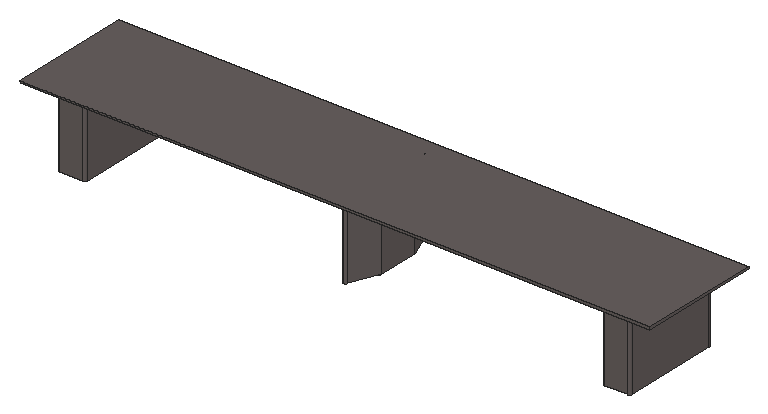
Revit family "Table-Teknion-CFTSTS_Figure_Table_Rectangular_Softened_Panel_Subtop-R2023", category Furniture, Revit 2023
Family settings
  OmniClass Number = 23.40.20.00
  OmniClass Title = General Furniture and Specialties
  Work Plane-Based = No
  Enable Cutting in Views = No
  Always vertical = Yes
  Cut with Voids When Loaded = No
  Render Appearance Source = Family Geometry
  Shared = Yes
  Room Calculation Point = No
Parameters (values of type "Figure Table, Rectangular, Softened Panel Base, Subtop")
  Width [instance] = 240.000"
  Warranty = "http://www.teknion.com/ca/papers/legal-canada"
  Unit Weight URL = "http://www.teknion.com/ca/tools/assets#&asset=bee6a381-b954-425e-8283-5a2de3a804f2,f828d448-4b62-4231-9e5f-9a8991c0ed77"
  URL = "www.teknion.com"
  Top Finish [instance] = Veneer - Teknion - 5X - Flintwood - Dark Henna
  To render please download texture images found here [instance] = "https://assets.teknion.com/web/5e81352c1dfdb467/revit-material-swatches/"
  Sustainability Data = "https://www.teknion.com/ca/tools/assets#&topic=216f99a5-57a0-44fc-b10a-9dee9b29ae4c&asset=444deb64-fe58-4b68-981e-f75e97781df7,b4ff2d81-9f2e-437d-9659-7cffb09c31cf"
  Series = "Custom Wood"  # constant formula
  Product Page URL = "https://www.teknion.com/ca/products/product-details?productLineId=f182336e-8e7a-673b-a6c8-ff00004460c4"
  Product Line = "Figure Table"  # constant formula
  Product Documentation Link = "https://d2r72yk5wmppdj.cloudfront.net/m/7b6608f508e3c5a8/Community_Table_Cut_Sheet.pdf"
  Power Cover Finish [instance] = Paint - Teknion - Mica - Graphite
  Part Number = "CFTSTS"  # constant formula
  Description = "Figure Table, Rectangular, Softened Panel Base, Subtop"
  Base Finish [instance] = Veneer - Teknion - 5X - Flintwood - Dark Henna
  Base Dim [instance] = if(Depth = 60.000", 24.000", 18.000")  # 24.000"
  (N) No Central Base [instance] = not(or([(H) Hexa Panel], [(S) Softened Panel]))  # no
  Model = "CFTSTS______"  # constant formula
  Manufacturer Phone = "416-661-3370"  # constant formula
  Manufacturer Fax = "416.661.4586"  # constant formula
  Manufacturer Contact Information = "http://www.teknion.com/ca/contactus"
  Manufacturer Address = "1150 Flint Road, Toronto, ON. M3J 2J5. Canada"  # constant formula
  Manufacturer = "Teknion"  # constant formula
  How To Use Teknion Materials User Guide [instance] = "https://assets.teknion.com/m/205dd0a49fa58060/original/How-to-add-a-Material-Library-and-Texture-Images-to-your-Revit-project.pdf"
  (H) Hexa Panel [instance] = yes
  For Additional Finishes please visit [instance] = "https://assets.teknion.com/m/44a8009b046e5d47/original/Teknion_Materials_Library.zip"
  Depth [instance] = 60.000"
  Default Elevation = 0.000"
  (S) Softened Panel [instance] = no
  Central Base Options [instance] = if(Width > 131.000", "[(N) No Central Base] not available with selected width, Please select one of the options below", "Only [(N) No Central Base] available with selected width")  # "[(N) No Central Base] not available with selected width, Please select one of the options below"
  Base S [instance] = [(S) Softened Panel]  # no
  Base H [instance] = [(H) Hexa Panel]  # yes
  Available Width [instance] = "Available In 96\", 108\", 120\", 132\", 144\", 156\", 168\", 180\", 192\", 204\", 216\", 228\", 240\""  # constant formula
  Available Depth [instance] = "Available In 48\", 54\", 60\""  # constant formula
  Assembly Code = "E2020200"
Reference planes (in)
  plane 1 "Center Front/Back": y = 0
  plane 2: z = 0
  plane 3 "Center Left/Right": x = 0.01361
  plane 4 "Left": x = -119.98639
  plane 5 "Right": x = 120.01361
  plane 6 "Back": y = 30
  plane 7 "Front": y = -30
  plane 8 "Top": z = 29
  plane 9: x = -39.98639
  plane 10: x = 40.01361
  plane 11: y = 12
  plane 12: y = -12
  plane 13: y = 22
  plane 14: x = 112.01361
  plane 15: x = -111.98639
  plane 16: y = -22
Forms (in)
  Sweep 1, solid, material "Veneer - Teknion - 5X - Flintwood - Dark Henna" <- "Top Finish"
    path origin (0, 0, 0) x (1, 0, 0) y (0, 0, 1)
      loop
        line (0.01361, 26.75) -> (0.01361, 27.5)
    profile origin (0.01361, 0, 27.125) x (-1, 0, 0) y (0, -1, 0)
      loop
        line (112, 22) -> (-112, 22) -> (-112, -22) -> (112, -22) -> (112, 22)
  Sweep 2, solid, material "Veneer - Teknion - 5X - Flintwood - Dark Henna" <- "Base Finish"
    path origin (0, 0, 0) x (1, 0, 0) y (0, 1, 0)
      loop
        line (92.01361, 0) -> (-91.98639, 0)
    profile origin (0.01361, 0, 0) x (0, -1, 0) y (0, 0, 1)
      loop
        line (-7.932, 18.75) -> (-10.932, 26.75) -> (-12, 26.75) -> (-9, 18.75) -> (-7.932, 18.75)
      loop
        line (10.932, 26.75) -> (7.932, 18.75) -> (9, 18.75) -> (12, 26.75) -> (10.932, 26.75)
Lines and regions (in)
  Masking region 1
    outline origin (0, 0, 0) x (1, 0, 0) y (0, 1, 0)
      loop
        line (-111.98639, 22) -> (-111.98639, -22) -> (112.01361, -22) -> (112.01361, 22) -> (-111.98639, 22)
  symbolic lines, style "FurnitureHiddenLines", detail levels medium+fine
    curve 1: line (-91.98639, 12, 0) -> (92.01361, 12, 0)
    curve 2: line (92.01361, 10.932, 0) -> (-91.98639, 10.932, 0)
    curve 3: line (-91.98639, 9, 0) -> (92.01361, 9, 0)
    curve 4: line (-91.98639, 7.932, 0) -> (92.01361, 7.932, 0)
    curve 5: line (-91.98639, -9, 0) -> (92.01361, -9, 0)
    curve 6: line (92.01361, -7.932, 0) -> (-91.98639, -7.932, 0)
    curve 7: line (-91.98639, -10.932, 0) -> (92.01361, -10.932, 0)
    curve 8: line (-91.98639, -12, 0) -> (92.01361, -12, 0)
  reference lines
    curve 9: line (112.01361, 22, 0) -> (-111.98639, 22, 0)
    curve 10: line (-111.98639, 22, 0) -> (-111.98639, -22, 0)
    curve 11: line (-111.98639, -22, 0) -> (112.01361, -22, 0)
    curve 12: line (112.01361, -22, 0) -> (112.01361, 22, 0)
Dimensions and locks (in)
  "Width": plane 4 "Left" to plane 5 "Right"
  "Depth": plane 6 "Back" to plane 7 "Front"
  plane 8 "Top" to level = 29.000"
  plane 8 "Top" to Sweep 1 sketch curve to Sweep 1 sketch curve = 1.500" locked, 0.750" locked
  locked: plane 4 "Left" to Sweep 2 sketch curve at 28
  locked: Sweep 2 sketch curve to plane 5 "Right" at 28
  Sweep 2 sketch curve to Sweep 2 sketch curve to Sweep 2 sketch curve to Sweep 2 sketch curve = 1.068" locked, 1.932" locked, 1.068" locked
  Sweep 2 sketch curve to Sweep 2 sketch curve to Sweep 2 sketch curve to Sweep 2 sketch curve = 1.068", 1.932" locked, 1.068" locked
  plane 8 "Top" to Sweep 2 sketch curve to Sweep 2 sketch curve = 2.250" locked, 8.000" locked  (x2)
  locked: plane 7 "Front" to Sweep 1 sketch curve at 8
  locked: plane 4 "Left" to Sweep 1 sketch curve at 8
  locked: plane 6 "Back" to Sweep 1 sketch curve at 8
  locked: Sweep 1 sketch curve to plane 5 "Right" at 8
  equal spacing: plane 4 "Left", plane 3 "Center Left/Right", plane 5 "Right"
  equal spacing: plane 7 "Front", plane 1 "Center Front/Back", plane 6 "Back"
  equal spacing: plane 4 "Left", plane 9, plane 10, plane 5 "Right"
  equal spacing: plane 11, plane 1 "Center Front/Back", plane 12
  "Base Dim": plane 12 to plane 11
  locked: plane 4 "Left" to nested 1 at 18
  locked: nested 2 to plane 5 "Right" at 18
  locked: plane 7 "Front" to plane 16 at 8
  locked: plane 4 "Left" to plane 15 at 8
  locked: plane 14 to plane 5 "Right" at 8
  locked: plane 6 "Back" to plane 13 at 8
  aligned and locked: level to plane 2
  aligned and locked: plane 3 "Center Left/Right" to Sweep 1 sketch curve
  aligned and locked: Sweep 2 sketch curve to plane 1 "Center Front/Back"
  aligned and locked: plane 1 "Center Front/Back" to nested 1
  aligned and locked: plane 1 "Center Front/Back" to nested 2
  aligned and locked: plane 3 "Center Left/Right" to nested 3
  aligned and locked: plane 1 "Center Front/Back" to nested 3
  aligned and locked: plane 3 "Center Left/Right" to nested 4
  aligned and locked: plane 1 "Center Front/Back" to nested 4
  aligned and locked: plane 3 "Center Left/Right" to nested 5
  aligned and locked: plane 1 "Center Front/Back" to nested 5
  aligned and locked: plane 2 to nested 3
  aligned and locked: nested 2 to plane 2
  aligned and locked: plane 2 to nested 1
  aligned and locked: plane 2 to nested 4
  aligned and locked: plane 12 to Sweep 2 sketch curve
  aligned and locked: plane 11 to Sweep 2 sketch curve
  aligned and locked: curve 1 to Sweep 2
  aligned and locked: curve 2 to Sweep 2
  aligned and locked: curve 3 to Sweep 2
  aligned and locked: curve 4 to Sweep 2
  aligned and locked: curve 5 to Sweep 2
  aligned and locked: curve 6 to Sweep 2
  aligned and locked: curve 7 to Sweep 2
  aligned and locked: curve 8 to Sweep 2
  aligned and locked: Masking region 1 sketch curve to Sweep 1  (x4)
  aligned and locked: curve 9 to Sweep 1
  aligned and locked: curve 10 to Sweep 1
  aligned and locked: curve 11 to Sweep 1
  aligned and locked: curve 12 to Sweep 1
Automatic sketch dimensions
  curve 2 to curve 1 = 0.000"  (x2)
  curve 3 to curve 2 = 0.000"  (x2)
  curve 4 to curve 3 = 0.000"  (x2)
  curve 5 to curve 4 = 0.000"  (x2)
  curve 6 to curve 5 = 0.000"  (x2)
  curve 7 to curve 5 = 0.000"  (x2)
  curve 8 to curve 7 = 0.000"  (x2)
  plane 4 "Left" to curve 1 = 28.000"
  plane 5 "Right" to curve 5 = 28.000"
  plane 4 "Left" to curve 9 = 8.000"
  curve 10 to plane 6 "Back" = 8.000"
  plane 5 "Right" to curve 9 = 8.000"
  curve 10 to plane 7 "Front" = 8.000"
Nested families (in)
  nested 1: "Softened Panel" at (-96.98639, 0, 0), Depth <- "Depth", Base Finish <- "Base Finish", type "Softened Panel"
    with Top Cutout no, To render please download texture images found here "https://assets.teknion.com/web/5e81352c1dfdb467/revit-material-swatches/", Panel Width 36.000", Mid Leg no, Mid Cutout yes, Left Cutout no, How To Use Teknion Materials User Guide "https://assets.teknion.com/m/205dd0a49fa58060/original/How-to-add-a-Material-Library-and-Texture-Images-to-your-Revit-project.pdf", Glide Finish Paint - Teknion - Foundation - Ebony, For Additional Finishes please visit "https://assets.teknion.com/m/44a8009b046e5d47/original/Teknion_Materials_Library.zip", Depth 60.000", Bottom Cutout no, Base Finish Veneer - Teknion - 5X - Flintwood - Dark Henna
  nested 2: "Softened Panel" at (97.01361, 0, 0), Depth <- "Depth", Base Finish <- "Base Finish", type "Softened Panel"
    with Top Cutout no, To render please download texture images found here "https://assets.teknion.com/web/5e81352c1dfdb467/revit-material-swatches/", Panel Width 36.000", Mid Leg no, Mid Cutout yes, Left Cutout no, How To Use Teknion Materials User Guide "https://assets.teknion.com/m/205dd0a49fa58060/original/How-to-add-a-Material-Library-and-Texture-Images-to-your-Revit-project.pdf", Glide Finish Paint - Teknion - Foundation - Ebony, For Additional Finishes please visit "https://assets.teknion.com/m/44a8009b046e5d47/original/Teknion_Materials_Library.zip", Depth 60.000", Bottom Cutout no, Base Finish Veneer - Teknion - 5X - Flintwood - Dark Henna
  nested 3: "Softened Panel" at (0.01361, 0, 0), Depth <- "Depth", Base Finish <- "Base Finish", visible <- "Base S", type "Softened Panel"
    with Top Cutout yes, To render please download texture images found here "https://assets.teknion.com/web/5e81352c1dfdb467/revit-material-swatches/", Panel Width 36.000", Mid Leg no, Mid Cutout yes, Left Cutout yes, How To Use Teknion Materials User Guide "https://assets.teknion.com/m/205dd0a49fa58060/original/How-to-add-a-Material-Library-and-Texture-Images-to-your-Revit-project.pdf", Glide Finish Paint - Teknion - Foundation - Ebony, For Additional Finishes please visit "https://assets.teknion.com/m/44a8009b046e5d47/original/Teknion_Materials_Library.zip", Depth 60.000", Bottom Cutout yes, Base Finish Veneer - Teknion - 5X - Flintwood - Dark Henna
  nested 4: "Hexa Panel" at (0.01361, 0, 0), Base Finish <- "Base Finish", Depth <- "Depth", visible <- "Base H", type "Hexa Panel"
    with To render please download texture images found here "https://assets.teknion.com/web/5e81352c1dfdb467/revit-material-swatches/", Panel Width 36.000", Mid Leg yes, Left Cutout yes, How To Use Teknion Materials User Guide "https://assets.teknion.com/m/205dd0a49fa58060/original/How-to-add-a-Material-Library-and-Texture-Images-to-your-Revit-project.pdf", Glide Finish Paint - Teknion - Foundation - Ebony, For Additional Finishes please visit "https://assets.teknion.com/m/44a8009b046e5d47/original/Teknion_Materials_Library.zip", Depth 60.000", Base Finish Veneer - Teknion - 5X - Flintwood - Dark Henna
  nested 5: "Teknion_2D_Node_Family-R2021" at (0.01361, 0, 0), type "Teknion_2D_Node_Family-R2021"
Definition of nested family "Softened Panel"
  Parameters (values of type "Softened Panel")
    Warranty = "http://www.teknion.com/ca/papers/legal-canada"
    Unit Weight URL = "http://www.teknion.com/ca/tools/assets#&asset=bee6a381-b954-425e-8283-5a2de3a804f2,f828d448-4b62-4231-9e5f-9a8991c0ed77"
    URL = "www.teknion.com"
    Top Cutout [instance] = yes
    To render please download texture images found here [instance] = "https://assets.teknion.com/web/5e81352c1dfdb467/revit-material-swatches/"
    Sustainability Data = "https://www.teknion.com/ca/tools/assets#&topic=216f99a5-57a0-44fc-b10a-9dee9b29ae4c&asset=444deb64-fe58-4b68-981e-f75e97781df7,b4ff2d81-9f2e-437d-9659-7cffb09c31cf"
    Series = ""
    Product Page URL = ""
    Product Line = ""
    Product Documentation Link = ""
    Part Number = ""
    Panel Width [instance] = if(Depth = 60.000", 36.000", 30.000")  # 30.000"
    Model = ""
    Mid Leg [instance] = yes
    Mid Cutout [instance] = not(Mid Leg)  # no
    Manufacturer Phone = "416-661-3370"  # constant formula
    Manufacturer Fax = "416.661.4586"  # constant formula
    Manufacturer Contact Information = "http://www.teknion.com/ca/contactus"
    Manufacturer Address = "1150 Flint Road, Toronto, ON. M3J 2J5. Canada"  # constant formula
    Manufacturer = "Teknion"  # constant formula
    Left Cutout [instance] = yes
    How To Use Teknion Materials User Guide [instance] = "https://assets.teknion.com/m/205dd0a49fa58060/original/How-to-add-a-Material-Library-and-Texture-Images-to-your-Revit-project.pdf"
    Glide Finish [instance] = none
    For Additional Finishes please visit [instance] = "https://assets.teknion.com/m/44a8009b046e5d47/original/Teknion_Materials_Library.zip"
    Description = "Softened Panel"
    Depth [instance] = 0.000"
    Default Elevation = 0.000"
    Bottom Cutout [instance] = yes
    Base Finish [instance] = none
    Assembly Code = "E2020200"
  Reference planes (in)
    plane 1 "Center Front/Back": y = 0
    plane 2: z = 0
    plane 3 "Center Left/Right": x = 0
    plane 4 "Left": x = -5
    plane 5 "Right": x = 5
    plane 6 "Back": y = 15
    plane 7 "Front": y = -15
    plane 8 "Top": z = 26.75
    plane 9 "1": y = -13.646
    plane 10 "2": y = 13.646
    plane 11: z = 0.5
  Forms (in)
    Revolve 1, solid, material <- "Glide Finish"
      sketch origin (0, -13.646, 0) x (-1, 0, 0) y (0, 0, 1)
        loop
          line (3.64645, 0.25) -> (3.64645, 0) -> (4.14645, 0) -> (4.14645, 0.25) -> (3.64645, 0.25)
        axis (3.64645, 0.25) -> (3.64645, 0)
      angle from 0 to 360
    Revolve 2, solid, material <- "Glide Finish"
      sketch origin (7.81887, -13.646, 0) x (-1, 0, 0) y (0, 0, 1)
        loop
          line (4.17242, 0.25) -> (4.17242, 0) -> (4.67242, 0) -> (4.67242, 0.25) -> (4.17242, 0.25)
        axis (4.17242, 0.25) -> (4.17242, 0)
      angle from 0 to 360
    Revolve 3, solid, material <- "Glide Finish"
      sketch origin (0, 13.646, 0) x (-1, 0, 0) y (0, 0, 1)
        loop
          line (3.64645, 0.25) -> (3.64645, 0) -> (4.14645, 0) -> (4.14645, 0.25) -> (3.64645, 0.25)
        axis (3.64645, 0.25) -> (3.64645, 0)
      angle from 0 to 360
    Revolve 4, solid, material <- "Glide Finish"
      sketch origin (0, 13.646, 0) x (-1, 0, 0) y (0, 0, 1)
        loop
          line (-3.64645, 0.25) -> (-3.64645, 0) -> (-3.14645, 0) -> (-3.14645, 0.25) -> (-3.64645, 0.25)
        axis (-3.64645, 0.25) -> (-3.64645, 0)
      angle from 0 to 360
    Sweep 5, solid, material <- "Glide Finish"
      path origin (0, 0, 0) x (1, 0, 0) y (0, 0, 1)
        loop
          line (0, 0.5) -> (0, 0.25)
      profile origin (0, 0, 0.375) x (0, -1, 0) y (1, 0, 0)
        loop
          line (13.3335, -3.82713) -> (13.646, -4.00755) -> (13.9585, -3.82713) -> (13.9585, -3.46628) -> (13.646, -3.28586) -> (13.3335, -3.46628) -> (13.3335, -3.82713)
        loop
          line (13.3335, 3.46628) -> (13.646, 3.28586) -> (13.9585, 3.46628) -> (13.9585, 3.82713) -> (13.646, 4.00755) -> (13.3335, 3.82713) -> (13.3335, 3.46628)
        loop
          line (-13.9585, 3.46628) -> (-13.646, 3.28586) -> (-13.3335, 3.46628) -> (-13.3335, 3.82713) -> (-13.646, 4.00755) -> (-13.9585, 3.82713) -> (-13.9585, 3.46628)
        loop
          line (-13.9585, -3.82713) -> (-13.646, -4.00755) -> (-13.3335, -3.82713) -> (-13.3335, -3.46628) -> (-13.646, -3.28586) -> (-13.9585, -3.46628) -> (-13.9585, -3.82713)
    Sweep 6, solid, material <- "Base Finish"
      path origin (0, 0, 0) x (1, 0, 0) y (0, 0, 1)
        loop
          line (0, 26.75) -> (0, 0.5)
      profile origin (0, 0, 13.625) x (0, -1, 0) y (1, 0, 0)
        loop
          line (14, 5) -> (-14, 5)
          arc (-14, 5) -> (-14.70711, 4.70711) -> (-15, 4) r 1
          line (-15, 4) -> (-15, -4)
          arc (-15, -4) -> (-14.70711, -4.70711) -> (-14, -5) r 1
          line (-14, -5) -> (14, -5)
          arc (14, -5) -> (14.70711, -4.70711) -> (15, -4) r 1
          line (15, -4) -> (15, 4)
          arc (15, 4) -> (14.70711, 4.70711) -> (14, 5) r 1
    Sweep 7, void
      path origin (0, 0, 0) x (1, 0, 0) y (0, 1, 0)
        loop
          line (7.5, 0) -> (-7.5, 0)
      profile origin (0, 0, 0) x (0, -1, 0) y (0, 0, 1)
        loop
          line (-5, 27.5) -> (-5, 24.5)
          arc (-5, 24.5) -> (-4.85355, 24.14645) -> (-4.5, 24) r 0.5
          line (-4.5, 24) -> (4.5, 24)
          arc (4.5, 24) -> (4.85355, 24.14645) -> (5, 24.5) r 0.5
          line (5, 24.5) -> (5, 27.5) -> (-5, 27.5)
    Sweep 8, void
      path origin (0, 0, 0) x (1, 0, 0) y (0, 0, 1)
        loop
          line (0, 26) -> (0, 1.25)
      profile origin (0, 0, 13.625) x (0, -1, 0) y (1, 0, 0)
        loop
          line (-14.25, -4.25) -> (14.25, -4.25) -> (14.25, 4.25) -> (-14.25, 4.25) -> (-14.25, -4.25)
    Sweep 9, void
      path origin (0, 0, 0) x (1, 0, 0) y (0, 0, 1)
        loop
          line (0, 0) -> (0, 2)
      profile origin (0, 0, 1) x (-1, 0, 0) y (0, -1, 0)
        loop
          arc (3, -2.64575) -> (4, 0) -> (3, 2.64575) r 4
          line (3, 2.64575) -> (3, 4.5)
          arc (3, 4.5) -> (2.85355, 4.85355) -> (2.5, 5) r 0.5
          line (2.5, 5) -> (-2.5, 5)
          arc (-2.5, 5) -> (-2.85355, 4.85355) -> (-3, 4.5) r 0.5
          line (-3, 4.5) -> (-3, 2.64575)
          arc (-3, 2.64575) -> (-4, 0) -> (-3, -2.64575) r 4
          line (-3, -2.64575) -> (-3, -4.5)
          arc (-3, -4.5) -> (-2.85355, -4.85355) -> (-2.5, -5) r 0.5
          line (-2.5, -5) -> (2.5, -5)
          arc (2.5, -5) -> (2.85355, -4.85355) -> (3, -4.5) r 0.5
          line (3, -4.5) -> (3, -2.64575)
    Sweep 10, void
      path origin (0, 0, 0) x (1, 0, 0) y (0, 1, 0)
        loop
          line (-2.5, 0) -> (-7.5, 0)
      profile origin (-5, 0, 0) x (0, -1, 0) y (0, 0, 1)
        loop
          line (-3.9, 21) -> (-3.9, 4.6) -> (3.9, 4.6) -> (3.9, 21) -> (-3.9, 21)
        loop
          line (-4, 22) -> (-4, 4.5) -> (4, 4.5) -> (4, 22)
          arc (4, 22) -> (3.85355, 22.35355) -> (3.5, 22.5) r 0.5
          line (3.5, 22.5) -> (-3.5, 22.5)
          arc (-3.5, 22.5) -> (-3.85355, 22.35355) -> (-4, 22) r 0.5
    Sweep 11, void
      path origin (0, 0, 0) x (1, 0, 0) y (0, 1, 0)
        loop
          line (7.5, 0) -> (-7.25, 0)
      profile origin (0.125, 0, 0) x (0, -1, 0) y (0, 0, 1)
        loop
          arc (2.75, 24) -> (2.92678, 24.07322) -> (3, 24.25) r 0.25
          line (3, 24.25) -> (3, 25.75)
          arc (3, 25.75) -> (2.92678, 25.92678) -> (2.75, 26) r 0.25
          line (2.75, 26) -> (-2.75, 26)
          arc (-2.75, 26) -> (-2.92678, 25.92678) -> (-3, 25.75) r 0.25
          line (-3, 25.75) -> (-3, 24.25)
          arc (-3, 24.25) -> (-2.92678, 24.07322) -> (-2.75, 24) r 0.25
          line (-2.75, 24) -> (2.75, 24)
    Sweep 12, void
      path origin (0, 0, 0) x (1, 0, 0) y (0, 0, 1)
        loop
          line (0, 28.75) -> (0, -1.25)
      profile origin (0, 0, 13.75) x (0, -1, 0) y (1, 0, 0)
        loop
          arc (4.5, -3) -> (4.85355, -2.85355) -> (5, -2.5) r 0.5
          line (5, -2.5) -> (5, 2.5)
          arc (5, 2.5) -> (4.85355, 2.85355) -> (4.5, 3) r 0.5
          line (4.5, 3) -> (-4.5, 3)
          arc (-4.5, 3) -> (-4.85355, 2.85355) -> (-5, 2.5) r 0.5
          line (-5, 2.5) -> (-5, -2.5)
          arc (-5, -2.5) -> (-4.85355, -2.85355) -> (-4.5, -3) r 0.5
          line (-4.5, -3) -> (4.5, -3)
  Cuts and joins
    joined: Revolve 1, Revolve 2, Revolve 3, Revolve 4, Sweep 5
    Sweep 7, Sweep 8, Sweep 9, Sweep 10, Sweep 11, Sweep 12 cuts Sweep 6
  Lines and regions (in)
    symbolic lines, visible <- "Bottom Cutout", detail levels medium+fine
      curve 1: arc (3, 2.64575, 0) -> (4, 0, 0) -> (3, -2.64575, 0) r 4
      curve 2: arc (-3, -2.64575, 0) -> (-4, 0, 0) -> (-3, 2.64575, 0) r 4
      curve 41: arc (-3, 2.64575, 0) -> (-4, 0, 0) -> (-3, -2.64575, 0) r 4
      curve 47: arc (3, -2.64575, 0) -> (4, 0, 0) -> (3, 2.64575, 0) r 4
    symbolic lines, not visible, detail levels medium+fine
      curve 3: line (5, 5, 0) -> (-5, 5, 0)
      curve 4: line (-5, -5, 0) -> (5, -5, 0)
    symbolic lines, detail levels fine
      curve 5: line (-3.46628, 13.9585, 0) -> (-3.82713, 13.9585, 0)
      curve 6: line (-3.82713, 13.9585, 0) -> (-4.00755, 13.646, 0)
      curve 7: line (-4.00755, 13.646, 0) -> (-3.82713, 13.3335, 0)
      curve 8: line (-3.82713, 13.3335, 0) -> (-3.46628, 13.3335, 0)
      curve 9: line (-3.46628, 13.3335, 0) -> (-3.28586, 13.646, 0)
      curve 10: line (-3.28586, 13.646, 0) -> (-3.46628, 13.9585, 0)
      curve 11: arc (-4.14645, 13.646, 0) -> (-3.64645, 14.146, 0) -> (-3.14645, 13.646, 0) r 0.5
      curve 12: arc (-3.14645, 13.646, 0) -> (-3.64645, 13.146, 0) -> (-4.14645, 13.646, 0) r 0.5
      curve 13: arc (4.14645, 13.646, 0) -> (3.64645, 13.146, 0) -> (3.14645, 13.646, 0) r 0.5
      curve 14: arc (3.14645, 13.646, 0) -> (3.64645, 14.146, 0) -> (4.14645, 13.646, 0) r 0.5
      curve 15: line (3.82713, 13.9585, 0) -> (3.46628, 13.9585, 0)
      curve 16: line (3.46628, 13.9585, 0) -> (3.28586, 13.646, 0)
      curve 17: line (3.28586, 13.646, 0) -> (3.46628, 13.3335, 0)
      curve 18: line (3.46628, 13.3335, 0) -> (3.82713, 13.3335, 0)
      curve 19: line (3.82713, 13.3335, 0) -> (4.00755, 13.646, 0)
      curve 20: line (4.00755, 13.646, 0) -> (3.82713, 13.9585, 0)
      curve 21: line (3.82713, -13.3335, 0) -> (3.46628, -13.3335, 0)
      curve 22: line (3.46628, -13.3335, 0) -> (3.28586, -13.646, 0)
      curve 23: line (3.28586, -13.646, 0) -> (3.46628, -13.9585, 0)
      curve 24: line (3.46628, -13.9585, 0) -> (3.82713, -13.9585, 0)
      curve 25: line (3.82713, -13.9585, 0) -> (4.00755, -13.646, 0)
      curve 26: line (4.00755, -13.646, 0) -> (3.82713, -13.3335, 0)
      curve 27: arc (4.14645, -13.646, 0) -> (3.64645, -13.146, 0) -> (3.14645, -13.646, 0) r 0.5
      curve 28: arc (3.14645, -13.646, 0) -> (3.64645, -14.146, 0) -> (4.14645, -13.646, 0) r 0.5
      curve 29: arc (-4.14645, -13.646, 0) -> (-3.64645, -14.146, 0) -> (-3.14645, -13.646, 0) r 0.5
      curve 30: arc (-3.14645, -13.646, 0) -> (-3.64645, -13.146, 0) -> (-4.14645, -13.646, 0) r 0.5
      curve 31: line (-3.28586, -13.646, 0) -> (-3.46628, -13.3335, 0)
      curve 32: line (-3.46628, -13.3335, 0) -> (-3.82713, -13.3335, 0)
      curve 33: line (-3.82713, -13.3335, 0) -> (-4.00755, -13.646, 0)
      curve 34: line (-4.00755, -13.646, 0) -> (-3.82713, -13.9585, 0)
      curve 35: line (-3.82713, -13.9585, 0) -> (-3.46628, -13.9585, 0)
      curve 36: line (-3.46628, -13.9585, 0) -> (-3.28586, -13.646, 0)
    symbolic lines, detail levels medium+fine
      curve 37: line (-4.25, 14.25, 0) -> (-4.25, -14.25, 0)
      curve 38: line (-4.25, -14.25, 0) -> (4.25, -14.25, 0)
      curve 39: line (4.25, -14.25, 0) -> (4.25, 14.25, 0)
      curve 40: line (4.25, 14.25, 0) -> (-4.25, 14.25, 0)
      curve 42: line (-3, -2.64575, 0) -> (-3, -4.5, 0)
      curve 43: arc (-3, -4.5, 0) -> (-2.85355, -4.85355, 0) -> (-2.5, -5, 0) r 0.5
      curve 44: line (-2.5, -5, 0) -> (2.5, -5, 0)
      curve 45: arc (2.5, -5, 0) -> (2.85355, -4.85355, 0) -> (3, -4.5, 0) r 0.5
      curve 46: line (3, -4.5, 0) -> (3, -2.64575, 0)
      curve 48: line (3, 2.64575, 0) -> (3, 4.5, 0)
      curve 49: arc (3, 4.5, 0) -> (2.85355, 4.85355, 0) -> (2.5, 5, 0) r 0.5
      curve 50: line (2.5, 5, 0) -> (-2.5, 5, 0)
      curve 51: arc (-2.5, 5, 0) -> (-2.85355, 4.85355, 0) -> (-3, 4.5, 0) r 0.5
      curve 52: line (-3, 4.5, 0) -> (-3, 2.64575, 0)
      curve 53: line (-3, -4.5, 0) -> (-3, 4.5, 0)
      curve 54: arc (-3, 4.5, 0) -> (-2.85355, 4.85355, 0) -> (-2.5, 5, 0) r 0.5
      curve 55: line (-2.5, 5, 0) -> (2.5, 5, 0)
      curve 56: arc (2.5, 5, 0) -> (2.85355, 4.85355, 0) -> (3, 4.5, 0) r 0.5
      curve 57: line (3, 4.5, 0) -> (3, -4.5, 0)
      curve 58: arc (3, -4.5, 0) -> (2.85355, -4.85355, 0) -> (2.5, -5, 0) r 0.5
      curve 59: line (2.5, -5, 0) -> (-2.5, -5, 0)
      curve 60: arc (-2.5, -5, 0) -> (-2.85355, -4.85355, 0) -> (-3, -4.5, 0) r 0.5
      curve 61: line (-5, 14, 0) -> (-5, -14, 0)
      curve 62: arc (-5, -14, 0) -> (-4.70711, -14.70711, 0) -> (-4, -15, 0) r 1
      curve 63: line (-4, -15, 0) -> (4, -15, 0)
      curve 64: arc (4, -15, 0) -> (4.70711, -14.70711, 0) -> (5, -14, 0) r 1
      curve 65: line (5, -14, 0) -> (5, 14, 0)
      curve 66: arc (5, 14, 0) -> (4.70711, 14.70711, 0) -> (4, 15, 0) r 1
      curve 67: line (4, 15, 0) -> (-4, 15, 0)
      curve 68: arc (-4, 15, 0) -> (-4.70711, 14.70711, 0) -> (-5, 14, 0) r 1
  Dimensions and locks (in)
    plane 4 "Left" to plane 5 "Right" = 10.000"
    "Panel Width": plane 6 "Back" to plane 7 "Front"
    locked: plane 8 "Top" to level at 26.75
    equal spacing: plane 6 "Back", plane 1 "Center Front/Back", plane 7 "Front"
    equal spacing: plane 4 "Left", plane 3 "Center Left/Right", plane 5 "Right"
    locked: plane 6 "Back" to plane 10 "2" at 1.354
    locked: plane 7 "Front" to plane 9 "1" at 1.354
    locked: plane 11 to plane 2 at 0.5
    locked: Revolve 1 sketch curve to plane 2 at 0.25
    Revolve 1 sketch curve to Revolve 1 sketch curve to plane 4 "Left" = 0.500" locked, 0.85355" locked
    locked: Revolve 2 sketch curve to plane 2 at 0.25
    Revolve 2 sketch curve to Revolve 2 sketch curve to plane 5 "Right" = 0.500" locked, 1.35355" locked
    locked: Revolve 2 sketch curve to plane 5 "Right" at 1.35355
    Revolve 3 sketch curve to Revolve 3 sketch curve to plane 4 "Left" = 0.500" locked, 0.85355" locked
    locked: Revolve 3 sketch curve to plane 2 at 0.25
    locked: Revolve 4 sketch curve to plane 2 at 0.25
    Revolve 4 sketch curve to Revolve 4 sketch curve to plane 5 "Right" = 0.500" locked, 1.35355" locked
    locked: Revolve 4 sketch curve to plane 5 "Right" at 1.35355
    locked: Sweep 5 sketch curve to plane 2 at 0.25
    plane 4 "Left" to Sweep 5 sketch curve to Sweep 5 sketch curve to Sweep 5 sketch curve to Sweep 5 sketch curve to Sweep 5 sketch curve to Sweep 5 sketch curve = 0.99245" locked, 0.18042" locked, 0.000" locked, 0.36084" locked, 0.000" locked, 0.18042" locked  (x2)
    Sweep 5 sketch curve to Sweep 5 sketch curve to Sweep 5 sketch curve to Sweep 5 sketch curve to Sweep 5 sketch curve to Sweep 5 sketch curve to plane 5 "Right" = 0.18042" locked, 0.000" locked, 0.36084" locked, 0.000" locked, 0.18042" locked, 0.99245" locked  (x2)
    Sweep 5 sketch curve to plane 9 "1" to Sweep 5 sketch curve = 0.3125" locked, 0.3125" locked  (x2)
    Sweep 5 sketch curve to plane 10 "2" to Sweep 5 sketch curve = 0.3125" locked, 0.3125" locked  (x2)
    locked: plane 4 "Left" to Revolve 1 sketch curve at 1.35355
    locked: plane 4 "Left" to Revolve 3 sketch curve at 1.35355
    locked: plane 6 "Back" to Sweep 6 sketch curve at 1  (x2)
    locked: plane 7 "Front" to Sweep 6 sketch curve at 1  (x2)
    locked: plane 4 "Left" to Sweep 6 sketch curve at 1  (x2)
    locked: Sweep 6 sketch curve to plane 5 "Right" at 1  (x2)
    Sweep 7 sketch curve to Sweep 7 sketch curve to plane 1 "Center Front/Back" to Sweep 7 sketch curve to Sweep 7 sketch curve = 0.500" locked, 4.500" locked, 4.500" locked, 0.500" locked
    Sweep 7 sketch curve to plane 8 "Top" to Sweep 7 sketch curve = 0.750" locked, 2.750" locked
    locked: Sweep 8 sketch curve to plane 11 at 0.75
    locked: plane 8 "Top" to Sweep 8 sketch curve at 0.75
    locked: Sweep 8 sketch curve to plane 7 "Front" at 0.75
    locked: Sweep 8 sketch curve to plane 6 "Back" at 0.75
    locked: plane 4 "Left" to Sweep 8 sketch curve at 0.75
    locked: Sweep 8 sketch curve to plane 5 "Right" at 0.75
    locked: Sweep 9 sketch curve to plane 2 at 2
    Sweep 9 sketch curve to Sweep 9 sketch curve to Sweep 9 sketch curve to Sweep 9 sketch curve to Sweep 9 sketch curve to plane 1 "Center Front/Back" to Sweep 9 sketch curve to Sweep 9 sketch curve to Sweep 9 sketch curve to Sweep 9 sketch curve to Sweep 9 sketch curve = 0.500" locked, 0.000" locked, 1.85425" locked, 0.000" locked, 2.64575" locked, 2.64575" locked, 0.000" locked, 1.85425" locked, 0.000" locked, 0.500" locked
    Sweep 9 sketch curve to Sweep 9 sketch curve to plane 3 "Center Left/Right" to Sweep 9 sketch curve to Sweep 9 sketch curve = 0.500" locked, 2.500" locked, 2.500" locked, 0.500" locked
    Sweep 10 sketch curve to Sweep 10 sketch curve to plane 3 "Center Left/Right" = 5.000" locked, 2.500" locked
    Sweep 10 sketch curve to Sweep 10 sketch curve to Sweep 10 sketch curve to Sweep 10 sketch curve to plane 11 = 1.500" locked, 16.400" locked, 0.100" locked, 4.000" locked
    Sweep 10 sketch curve to Sweep 10 sketch curve to Sweep 10 sketch curve to plane 1 "Center Front/Back" to Sweep 10 sketch curve to Sweep 10 sketch curve to Sweep 10 sketch curve = 0.100" locked, 0.400" locked, 3.500" locked, 3.500" locked, 0.400" locked, 0.100" locked
    locked: Sweep 7 sketch curve to plane 4 "Left" at 2.5
    locked: plane 3 "Center Left/Right" to Sweep 11 sketch curve at 7.5
    Sweep 11 sketch curve to Sweep 11 sketch curve to plane 1 "Center Front/Back" to Sweep 11 sketch curve to Sweep 11 sketch curve = 0.250" locked, 2.750" locked, 2.750" locked, 0.250" locked
    Sweep 11 sketch curve to Sweep 11 sketch curve to Sweep 11 sketch curve to Sweep 11 sketch curve to plane 8 "Top" = 0.250" locked, 1.500" locked, 0.250" locked, 0.750" locked
    locked: Sweep 12 sketch curve to plane 8 "Top" at 2
    Sweep 12 sketch curve to Sweep 12 sketch curve to plane 3 "Center Left/Right" to Sweep 12 sketch curve to Sweep 12 sketch curve = 0.500" locked, 2.500" locked, 2.500" locked, 0.500" locked
    Sweep 12 sketch curve to Sweep 12 sketch curve to plane 1 "Center Front/Back" to Sweep 12 sketch curve to Sweep 12 sketch curve = 0.500" locked, 4.500" locked, 4.500" locked, 0.500" locked
    aligned and locked: level to plane 2
    aligned and locked: plane 2 to Revolve 1 sketch curve
    aligned and locked: plane 2 to Revolve 2 sketch curve
    aligned and locked: plane 2 to Revolve 3 sketch curve
    aligned and locked: plane 2 to Revolve 4 sketch curve
    aligned and locked: plane 11 to Sweep 5 sketch curve
    aligned and locked: Sweep 5 sketch curve to plane 3 "Center Left/Right"
    aligned and locked: plane 9 "1" to Sweep 5 sketch curve  (x4)
    aligned and locked: plane 10 "2" to Sweep 5 sketch curve  (x4)
    aligned and locked: plane 11 to Sweep 6 sketch curve
    aligned and locked: plane 8 "Top" to Sweep 6 sketch curve
    aligned and locked: Sweep 6 sketch curve to plane 3 "Center Left/Right"
    aligned and locked: Sweep 6 sketch curve to plane 7 "Front"
    aligned and locked: plane 4 "Left" to Sweep 6 sketch curve
    aligned and locked: plane 6 "Back" to Sweep 6 sketch curve
    aligned and locked: Sweep 7 sketch curve to plane 1 "Center Front/Back"
    aligned and locked: Sweep 8 sketch curve to plane 3 "Center Left/Right"
    aligned and locked: plane 2 to Sweep 9 sketch curve
    aligned and locked: plane 3 "Center Left/Right" to Sweep 9 sketch curve  (x3)
    aligned and locked: Sweep 9 sketch curve to Sweep 9 sketch curve
    aligned and locked: Sweep 10 sketch curve to plane 1 "Center Front/Back"
    aligned and locked: Sweep 12 sketch curve to plane 3 "Center Left/Right"
    aligned and locked: Sweep 11 sketch curve to plane 1 "Center Front/Back"
    aligned and locked: curve 5 to cut or joined group of Revolve 1, Revolve 2, Revolve 3, Revolve 4, Sweep 5
    aligned and locked: curve 6 to cut or joined group of Revolve 1, Revolve 2, Revolve 3, Revolve 4, Sweep 5
    aligned and locked: curve 7 to cut or joined group of Revolve 1, Revolve 2, Revolve 3, Revolve 4, Sweep 5
    aligned and locked: curve 8 to cut or joined group of Revolve 1, Revolve 2, Revolve 3, Revolve 4, Sweep 5
    aligned and locked: curve 9 to cut or joined group of Revolve 1, Revolve 2, Revolve 3, Revolve 4, Sweep 5
    aligned and locked: curve 10 to cut or joined group of Revolve 1, Revolve 2, Revolve 3, Revolve 4, Sweep 5
    aligned and locked: curve 11 to cut or joined group of Revolve 1, Revolve 2, Revolve 3, Revolve 4, Sweep 5
    aligned and locked: curve 12 to cut or joined group of Revolve 1, Revolve 2, Revolve 3, Revolve 4, Sweep 5
    aligned and locked: curve 13 to cut or joined group of Revolve 1, Revolve 2, Revolve 3, Revolve 4, Sweep 5
    aligned and locked: curve 14 to cut or joined group of Revolve 1, Revolve 2, Revolve 3, Revolve 4, Sweep 5
    aligned and locked: curve 15 to cut or joined group of Revolve 1, Revolve 2, Revolve 3, Revolve 4, Sweep 5
    aligned and locked: curve 16 to cut or joined group of Revolve 1, Revolve 2, Revolve 3, Revolve 4, Sweep 5
    aligned and locked: curve 17 to cut or joined group of Revolve 1, Revolve 2, Revolve 3, Revolve 4, Sweep 5
    aligned and locked: curve 18 to cut or joined group of Revolve 1, Revolve 2, Revolve 3, Revolve 4, Sweep 5
    aligned and locked: curve 19 to cut or joined group of Revolve 1, Revolve 2, Revolve 3, Revolve 4, Sweep 5
    aligned and locked: curve 20 to cut or joined group of Revolve 1, Revolve 2, Revolve 3, Revolve 4, Sweep 5
    aligned and locked: curve 21 to cut or joined group of Revolve 1, Revolve 2, Revolve 3, Revolve 4, Sweep 5
    aligned and locked: curve 22 to cut or joined group of Revolve 1, Revolve 2, Revolve 3, Revolve 4, Sweep 5
    aligned and locked: curve 23 to cut or joined group of Revolve 1, Revolve 2, Revolve 3, Revolve 4, Sweep 5
    aligned and locked: curve 24 to cut or joined group of Revolve 1, Revolve 2, Revolve 3, Revolve 4, Sweep 5
    aligned and locked: curve 25 to cut or joined group of Revolve 1, Revolve 2, Revolve 3, Revolve 4, Sweep 5
    aligned and locked: curve 26 to cut or joined group of Revolve 1, Revolve 2, Revolve 3, Revolve 4, Sweep 5
    aligned and locked: curve 27 to cut or joined group of Revolve 1, Revolve 2, Revolve 3, Revolve 4, Sweep 5
    aligned and locked: curve 28 to cut or joined group of Revolve 1, Revolve 2, Revolve 3, Revolve 4, Sweep 5
    aligned and locked: curve 29 to cut or joined group of Revolve 1, Revolve 2, Revolve 3, Revolve 4, Sweep 5
    aligned and locked: curve 30 to cut or joined group of Revolve 1, Revolve 2, Revolve 3, Revolve 4, Sweep 5
    aligned and locked: curve 31 to cut or joined group of Revolve 1, Revolve 2, Revolve 3, Revolve 4, Sweep 5
    aligned and locked: curve 32 to cut or joined group of Revolve 1, Revolve 2, Revolve 3, Revolve 4, Sweep 5
    aligned and locked: curve 33 to cut or joined group of Revolve 1, Revolve 2, Revolve 3, Revolve 4, Sweep 5
    aligned and locked: curve 34 to cut or joined group of Revolve 1, Revolve 2, Revolve 3, Revolve 4, Sweep 5
    aligned and locked: curve 35 to cut or joined group of Revolve 1, Revolve 2, Revolve 3, Revolve 4, Sweep 5
    aligned and locked: curve 36 to cut or joined group of Revolve 1, Revolve 2, Revolve 3, Revolve 4, Sweep 5
    aligned and locked: curve 37 to cut or joined group of Sweep 6, Sweep 7, Sweep 8, Sweep 9, Sweep 10, Sweep 11, Sweep 12
    aligned and locked: curve 38 to cut or joined group of Sweep 6, Sweep 7, Sweep 8, Sweep 9, Sweep 10, Sweep 11, Sweep 12
    aligned and locked: curve 39 to cut or joined group of Sweep 6, Sweep 7, Sweep 8, Sweep 9, Sweep 10, Sweep 11, Sweep 12
    aligned and locked: curve 40 to cut or joined group of Sweep 6, Sweep 7, Sweep 8, Sweep 9, Sweep 10, Sweep 11, Sweep 12
    aligned and locked: curve 41 to Sweep 9
    aligned and locked: curve 42 to Sweep 9
    aligned and locked: curve 43 to Sweep 9
    aligned and locked: curve 45 to Sweep 9
    aligned and locked: curve 47 to Sweep 9
    aligned and locked: curve 48 to Sweep 9
    aligned and locked: curve 49 to Sweep 9
    aligned and locked: curve 51 to Sweep 9
    aligned and locked: curve 62 to cut or joined group of Sweep 6, Sweep 7, Sweep 8, Sweep 9, Sweep 10, Sweep 11, Sweep 12
    aligned and locked: curve 64 to cut or joined group of Sweep 6, Sweep 7, Sweep 8, Sweep 9, Sweep 10, Sweep 11, Sweep 12
    aligned and locked: curve 66 to cut or joined group of Sweep 6, Sweep 7, Sweep 8, Sweep 9, Sweep 10, Sweep 11, Sweep 12
    aligned and locked: curve 68 to cut or joined group of Sweep 6, Sweep 7, Sweep 8, Sweep 9, Sweep 10, Sweep 11, Sweep 12
  Automatic sketch dimensions
    Revolve 2 sketch curve to plane 11 = 0.0769"
    Revolve 2 sketch curve to level = 0.3269"
    level to Revolve 4 sketch curve = 0.45393"
    plane 11 to Revolve 4 sketch curve = 0.08613"
    plane 11 to Revolve 1 sketch curve = 0.250"
    Revolve 1 sketch curve to level = 0.62632"
    Revolve 3 sketch curve to plane 11 = 0.250"
    level to Revolve 3 sketch curve = 0.500"
    Sweep 7 sketch curve to plane 5 "Right" = 2.500"
    Sweep 11 sketch curve to plane 4 "Left" = 2.250"
    Sweep 12 sketch curve to level = 1.250"
    curve 1 to curve 2 = 0.000"
    curve 4 to curve 1 = 2.35425"
    curve 2 to curve 3 = 2.35425"
    curve 1 to curve 47 = 0.000"
Definition of nested family "Hexa Panel"
  Parameters (values of type "Hexa Panel")
    Warranty = "http://www.teknion.com/ca/papers/legal-canada"
    Unit Weight URL = "http://www.teknion.com/ca/tools/assets#&asset=bee6a381-b954-425e-8283-5a2de3a804f2,f828d448-4b62-4231-9e5f-9a8991c0ed77"
    URL = "www.teknion.com"
    To render please download texture images found here [instance] = "https://assets.teknion.com/web/5e81352c1dfdb467/revit-material-swatches/"
    Sustainability Data = "https://www.teknion.com/ca/tools/assets#&topic=216f99a5-57a0-44fc-b10a-9dee9b29ae4c&asset=444deb64-fe58-4b68-981e-f75e97781df7,b4ff2d81-9f2e-437d-9659-7cffb09c31cf"
    Series = ""
    Product Page URL = ""
    Product Line = ""
    Product Documentation Link = ""
    Part Number = ""
    Panel Width [instance] = if(Depth = 60.000", 36.000", 30.000")  # 36.000"
    Model = ""
    Mid Leg [instance] = yes
    Manufacturer Phone = "416-661-3370"  # constant formula
    Manufacturer Fax = "416.661.4586"  # constant formula
    Manufacturer Contact Information = "http://www.teknion.com/ca/contactus"
    Manufacturer Address = "1150 Flint Road, Toronto, ON. M3J 2J5. Canada"  # constant formula
    Manufacturer = "Teknion"  # constant formula
    Left Cutout [instance] = yes
    How To Use Teknion Materials User Guide [instance] = "https://assets.teknion.com/m/205dd0a49fa58060/original/How-to-add-a-Material-Library-and-Texture-Images-to-your-Revit-project.pdf"
    Glide Finish [instance] = none
    For Additional Finishes please visit [instance] = "https://assets.teknion.com/m/44a8009b046e5d47/original/Teknion_Materials_Library.zip"
    Description = "Hexa Panel"
    Depth [instance] = 60.000"
    Default Elevation = 0.000"
    Base Finish [instance] = none
    Assembly Code = "E2020200"
  Reference planes (in)
    plane 1 "Center Front/Back": y = 0
    plane 2: z = 0
    plane 3 "Center Left/Right": x = 0
    plane 4 "Left": x = -5
    plane 5 "Right": x = 5
    plane 6 "Back": y = 18
    plane 7 "Front": y = -18
    plane 8 "Top": z = 26.75
    plane 9 "1": y = -15.5
    plane 10 "2": y = -7.06461
    plane 11 "4": y = 15.5
    plane 12 "3": y = 7.06461
    plane 13: z = 0.5
  Forms (in)
    Sweep 1, solid, material <- "Base Finish"
      path origin (0, 0, 0) x (1, 0, 0) y (0, 0, 1)
        loop
          line (0, 26.75) -> (0, 0.5)
      profile origin (0, 0, 13.625) x (0, -1, 0) y (1, 0, 0)
        loop
          line (-7.27625, 5) -> (-17.37404, 0.92741)
          arc (-17.37404, 0.92741) -> (-17.82887, 0.55945) -> (-18, 0) r 1
          arc (-18, 0) -> (-17.82887, -0.55945) -> (-17.37404, -0.92741) r 1
          line (-17.37404, -0.92741) -> (-7.27625, -5) -> (7.27625, -5) -> (17.37404, -0.92741)
          arc (17.37404, -0.92741) -> (17.82887, -0.55945) -> (18, 0) r 1
          arc (18, 0) -> (17.82887, 0.55945) -> (17.37404, 0.92741) r 1
          line (17.37404, 0.92741) -> (7.27625, 5) -> (-7.27625, 5)
    Sweep 2, void
      path origin (0, 0, 0) x (1, 0, 0) y (0, 0, 1)
        loop
          line (0, 26) -> (0, 1.25)
      profile origin (0, 0, 13.625) x (0, -1, 0) y (1, 0, 0)
        loop
          line (-7.25333, -4.88189) -> (7.25333, -4.88189) -> (17.13189, -0.89772) -> (17.13189, 0.89772) -> (7.25333, 4.88189) -> (-7.25333, 4.88189) -> (-17.13189, 0.89772) -> (-17.13189, -0.89772) -> (-7.25333, -4.88189)
    Sweep 3, void
      path origin (0, 0, 0) x (1, 0, 0) y (0, 0, 1)
        loop
          line (0, 28.75) -> (0, -2.25)
      profile origin (0, 0, 13.25) x (0, -1, 0) y (1, 0, 0)
        loop
          line (6.8652, -2.88189) -> (11.71124, -0.92741)
          arc (11.71124, -0.92741) -> (12.16607, -0.55945) -> (12.3372, 0) r 1
          arc (12.3372, 0) -> (12.16607, 0.55945) -> (11.71124, 0.92741) r 1
          line (11.71124, 0.92741) -> (6.8652, 2.88189) -> (-6.8652, 2.88189) -> (-11.71124, 0.92741)
          arc (-11.71124, 0.92741) -> (-12.16607, 0.55945) -> (-12.3372, 0) r 1
          arc (-12.3372, 0) -> (-12.16607, -0.55945) -> (-11.71124, -0.92741) r 1
          line (-11.71124, -0.92741) -> (-6.8652, -2.88189) -> (6.8652, -2.88189)
    Revolve 4, solid, material <- "Glide Finish"
      sketch origin (0, -15.5, 0) x (-1, 0, 0) y (0, 0, 1)
        loop
          line (0, 0.25) -> (0, 0) -> (0.5, 0) -> (0.5, 0.25) -> (0, 0.25)
        axis (0, 0.25) -> (0, 0)
      angle from 0 to 360
    Revolve 5, solid, material <- "Glide Finish"
      sketch origin (0, -7.06461, 0) x (-1, 0, 0) y (0, 0, 1)
        loop
          line (3.90943, 0.25) -> (3.90943, 0) -> (4.40943, 0) -> (4.40943, 0.25) -> (3.90943, 0.25)
        axis (3.90943, 0.25) -> (3.90943, 0)
      angle from 0 to 360
    Revolve 6, solid, material <- "Glide Finish"
      sketch origin (7.81887, -7.06461, 0) x (-1, 0, 0) y (0, 0, 1)
        loop
          line (3.90943, 0.25) -> (3.90943, 0) -> (4.40943, 0) -> (4.40943, 0.25) -> (3.90943, 0.25)
        axis (3.90943, 0.25) -> (3.90943, 0)
      angle from 0 to 360
    Revolve 7, solid, material <- "Glide Finish"
      sketch origin (0, 7.06461, 0) x (-1, 0, 0) y (0, 0, 1)
        loop
          line (3.90943, 0.25) -> (3.90943, 0) -> (4.40943, 0) -> (4.40943, 0.25) -> (3.90943, 0.25)
        axis (3.90943, 0.25) -> (3.90943, 0)
      angle from 0 to 360
    Revolve 8, solid, material <- "Glide Finish"
      sketch origin (0, 7.06461, 0) x (-1, 0, 0) y (0, 0, 1)
        loop
          line (-3.90943, 0.25) -> (-3.90943, 0) -> (-3.40943, 0) -> (-3.40943, 0.25) -> (-3.90943, 0.25)
        axis (-3.90943, 0.25) -> (-3.90943, 0)
      angle from 0 to 360
    Revolve 9, solid, material <- "Glide Finish"
      sketch origin (0, 15.5, 0) x (-1, 0, 0) y (0, 0, 1)
        loop
          line (0, 0.25) -> (0, 0) -> (0.5, 0) -> (0.5, 0.25) -> (0, 0.25)
        axis (0, 0.25) -> (0, 0)
      angle from 0 to 360
    Sweep 10, solid, material <- "Glide Finish"
      path origin (0, 0, 0) x (1, 0, 0) y (0, 0, 1)
        loop
          line (0, 0.5) -> (0, 0.25)
      profile origin (0, 0, 0.375) x (0, -1, 0) y (1, 0, 0)
        loop
          line (15.1875, -0.18042) -> (15.5, -0.36084) -> (15.8125, -0.18042) -> (15.8125, 0.18042) -> (15.5, 0.36084) -> (15.1875, 0.18042) -> (15.1875, -0.18042)
        loop
          line (6.75211, -4.08986) -> (7.06461, -4.27028) -> (7.37711, -4.08986) -> (7.37711, -3.72901) -> (7.06461, -3.54859) -> (6.75211, -3.72901) -> (6.75211, -4.08986)
        loop
          line (6.75211, 3.72901) -> (7.06461, 3.54859) -> (7.37711, 3.72901) -> (7.37711, 4.08986) -> (7.06461, 4.27028) -> (6.75211, 4.08986) -> (6.75211, 3.72901)
        loop
          line (-7.37711, 3.72901) -> (-7.06461, 3.54859) -> (-6.75211, 3.72901) -> (-6.75211, 4.08986) -> (-7.06461, 4.27028) -> (-7.37711, 4.08986) -> (-7.37711, 3.72901)
        loop
          line (-7.37711, -4.08986) -> (-7.06461, -4.27028) -> (-6.75211, -4.08986) -> (-6.75211, -3.72901) -> (-7.06461, -3.54859) -> (-7.37711, -3.72901) -> (-7.37711, -4.08986)
        loop
          line (-15.8125, -0.18042) -> (-15.5, -0.36084) -> (-15.1875, -0.18042) -> (-15.1875, 0.18042) -> (-15.5, 0.36084) -> (-15.8125, 0.18042) -> (-15.8125, -0.18042)
    Sweep 11, void
      path origin (0, 0, 0) x (1, 0, 0) y (0, 1, 0)
        loop
          line (-8, 0) -> (8, 0)
      profile origin (0, 0, 0) x (0, 1, 0) y (0, 0, 1)
        loop
          line (-4.5, 24) -> (4.5, 24)
          arc (4.5, 24) -> (4.85355, 24.14645) -> (5, 24.5) r 0.5
          line (5, 24.5) -> (5, 26.75) -> (-5, 26.75) -> (-5, 24.5)
          arc (-5, 24.5) -> (-4.85355, 24.14645) -> (-4.5, 24) r 0.5
    Sweep 12, void
      path origin (0, 0, 0) x (1, 0, 0) y (0, 1, 0)
        loop
          line (-8.25, 0) -> (-1, 0)
      profile origin (-4.625, 0, 0) x (0, 1, 0) y (0, 0, 1)
        loop
          line (3.5, 22.5) -> (-3.5, 22.5)
          arc (-3.5, 22.5) -> (-3.85355, 22.35355) -> (-4, 22) r 0.5
          line (-4, 22) -> (-4, 4.5) -> (4, 4.5) -> (4, 22)
          arc (4, 22) -> (3.85355, 22.35355) -> (3.5, 22.5) r 0.5
        loop
          line (-3.9, 21.25) -> (-3.9, 4.6) -> (3.9, 4.6) -> (3.9, 21.25) -> (-3.9, 21.25)
    Sweep 13, void
      path origin (0, 0, 0) x (1, 0, 0) y (0, 0, 1)
        loop
          line (0, 5.5) -> (0, -4.5)
      profile origin (0, 0, 0.5) x (0, -1, 0) y (1, 0, 0)
        loop
          circle (0, 0) r 4.11878
    Sweep 14, void
      path origin (0, 0, 0) x (1, 0, 0) y (0, 1, 0)
        loop
          line (-8, 0) -> (7.25, 0)
      profile origin (-0.375, 0, 0) x (0, 1, 0) y (0, 0, 1)
        loop
          line (2.75, 24.25) -> (2.75, 25.75)
          arc (2.75, 25.75) -> (2.67678, 25.92678) -> (2.5, 26) r 0.25
          line (2.5, 26) -> (-2.5, 26)
          arc (-2.5, 26) -> (-2.67678, 25.92678) -> (-2.75, 25.75) r 0.25
          line (-2.75, 25.75) -> (-2.75, 24.25)
          arc (-2.75, 24.25) -> (-2.67678, 24.07322) -> (-2.5, 24) r 0.25
          line (-2.5, 24) -> (2.5, 24)
          arc (2.5, 24) -> (2.67678, 24.07322) -> (2.75, 24.25) r 0.25
  Cuts and joins
    Sweep 2, Sweep 3, Sweep 11, Sweep 12, Sweep 13, Sweep 14 cuts Sweep 1
    joined: Revolve 4, Revolve 5, Revolve 6, Revolve 7, Revolve 8, Revolve 9, Sweep 10
  Lines and regions (in)
    symbolic lines, detail levels medium+fine
      curve 1: line (5, 7.27625, 0) -> (0.67495, 18, 0)
      curve 2: line (-0.67495, 18, 0) -> (-5, 7.27625, 0)
      curve 3: arc (0, 18, 0) -> (-0.55945, 17.82887, 0) -> (-0.92741, 17.37404, 0) r 1
      curve 4: arc (0.92741, 17.37404, 0) -> (0.55945, 17.82887, 0) -> (0, 18, 0) r 1
      curve 5: line (5, -7.27625, 0) -> (5, 7.27625, 0)
      curve 6: line (-5, 7.27625, 0) -> (-5, -7.27625, 0)
      curve 7: line (-5, -7.27625, 0) -> (-0.67495, -18, 0)
      curve 8: line (0.67495, -18, 0) -> (5, -7.27625, 0)
      curve 9: arc (0, -18, 0) -> (0.55945, -17.82887, 0) -> (0.92741, -17.37404, 0) r 1
      curve 10: arc (-0.92741, -17.37404, 0) -> (-0.55945, -17.82887, 0) -> (0, -18, 0) r 1
      curve 11: line (-0.89772, -17.13189, 0) -> (0.89772, -17.13189, 0)
      curve 12: line (-4.88189, -7.25333, 0) -> (-0.89772, -17.13189, 0)
      curve 13: line (0.89772, -17.13189, 0) -> (4.88189, -7.25333, 0)
      curve 14: line (-4.88189, 7.25333, 0) -> (-4.88189, -7.25333, 0)
      curve 15: line (4.88189, -7.25333, 0) -> (4.88189, 7.25333, 0)
      curve 16: line (0.89772, 17.13189, 0) -> (-0.89772, 17.13189, 0)
      curve 17: line (-0.89772, 17.13189, 0) -> (-4.88189, 7.25333, 0)
      curve 18: line (4.88189, 7.25333, 0) -> (0.89772, 17.13189, 0)
      curve 19: line (2.88189, -6.8652, 0) -> (2.88189, 6.8652, 0)
      curve 20: line (0.92741, -11.71124, 0) -> (2.88189, -6.8652, 0)
      curve 21: line (-2.88189, -6.8652, 0) -> (-0.92741, -11.71124, 0)
      curve 22: line (-2.88189, 6.8652, 0) -> (-2.88189, -6.8652, 0)
      curve 23: line (-0.92741, 11.71124, 0) -> (-2.88189, 6.8652, 0)
      curve 24: line (2.88189, 6.8652, 0) -> (0.92741, 11.71124, 0)
      curve 25: arc (0.92741, 11.71124, 0) -> (0.55945, 12.16607, 0) -> (0, 12.3372, 0) r 1
      curve 26: arc (0, 12.3372, 0) -> (-0.55945, 12.16607, 0) -> (-0.92741, 11.71124, 0) r 1
      curve 27: arc (0, -12.3372, 0) -> (0.55945, -12.16607, 0) -> (0.92741, -11.71124, 0) r 1
      curve 28: arc (-0.92741, -11.71124, 0) -> (-0.55945, -12.16607, 0) -> (0, -12.3372, 0) r 1
    symbolic lines, detail levels fine
      curve 29: line (0.18042, -15.1875, 0) -> (-0.18042, -15.1875, 0)
      curve 30: line (-0.18042, -15.1875, 0) -> (-0.36084, -15.5, 0)
      curve 31: line (-0.36084, -15.5, 0) -> (-0.18042, -15.8125, 0)
      curve 32: line (-0.18042, -15.8125, 0) -> (0.18042, -15.8125, 0)
      curve 33: line (0.18042, -15.8125, 0) -> (0.36084, -15.5, 0)
      curve 34: line (0.36084, -15.5, 0) -> (0.18042, -15.1875, 0)
      curve 35: line (-3.54859, -7.06461, 0) -> (-3.72901, -6.75211, 0)
      curve 36: line (-3.72901, -6.75211, 0) -> (-4.08986, -6.75211, 0)
      curve 37: line (-4.08986, -6.75211, 0) -> (-4.27028, -7.06461, 0)
      curve 38: line (-4.27028, -7.06461, 0) -> (-4.08986, -7.37711, 0)
      curve 39: line (-4.08986, -7.37711, 0) -> (-3.72901, -7.37711, 0)
      curve 40: line (-3.72901, -7.37711, 0) -> (-3.54859, -7.06461, 0)
      curve 41: line (4.08986, -6.75211, 0) -> (3.72901, -6.75211, 0)
      curve 42: line (3.72901, -6.75211, 0) -> (3.54859, -7.06461, 0)
      curve 43: line (3.54859, -7.06461, 0) -> (3.72901, -7.37711, 0)
      curve 44: line (3.72901, -7.37711, 0) -> (4.08986, -7.37711, 0)
      curve 45: line (4.08986, -7.37711, 0) -> (4.27028, -7.06461, 0)
      curve 46: line (4.27028, -7.06461, 0) -> (4.08986, -6.75211, 0)
      curve 47: line (4.08986, 7.37711, 0) -> (3.72901, 7.37711, 0)
      curve 48: line (3.72901, 7.37711, 0) -> (3.54859, 7.06461, 0)
      curve 49: line (3.54859, 7.06461, 0) -> (3.72901, 6.75211, 0)
      curve 50: line (3.72901, 6.75211, 0) -> (4.08986, 6.75211, 0)
      curve 51: line (4.08986, 6.75211, 0) -> (4.27028, 7.06461, 0)
      curve 52: line (4.27028, 7.06461, 0) -> (4.08986, 7.37711, 0)
      curve 53: line (-3.72901, 7.37711, 0) -> (-4.08986, 7.37711, 0)
      curve 54: line (-4.08986, 7.37711, 0) -> (-4.27028, 7.06461, 0)
      curve 55: line (-4.27028, 7.06461, 0) -> (-4.08986, 6.75211, 0)
      curve 56: line (-4.08986, 6.75211, 0) -> (-3.72901, 6.75211, 0)
      curve 57: line (-3.72901, 6.75211, 0) -> (-3.54859, 7.06461, 0)
      curve 58: line (-3.54859, 7.06461, 0) -> (-3.72901, 7.37711, 0)
      curve 59: line (0.36084, 15.5, 0) -> (0.18042, 15.8125, 0)
      curve 60: line (0.18042, 15.8125, 0) -> (-0.18042, 15.8125, 0)
      curve 61: line (-0.18042, 15.8125, 0) -> (-0.36084, 15.5, 0)
      curve 62: line (-0.36084, 15.5, 0) -> (-0.18042, 15.1875, 0)
      curve 63: line (-0.18042, 15.1875, 0) -> (0.18042, 15.1875, 0)
      curve 64: line (0.18042, 15.1875, 0) -> (0.36084, 15.5, 0)
      curve 65: arc (-0.5, 15.5, 0) -> (0, 16, 0) -> (0.5, 15.5, 0) r 0.5
      curve 66: arc (0.5, 15.5, 0) -> (0, 15, 0) -> (-0.5, 15.5, 0) r 0.5
      curve 67: arc (3.40943, 7.06461, 0) -> (3.90943, 7.56461, 0) -> (4.40943, 7.06461, 0) r 0.5
      curve 68: arc (4.40943, 7.06461, 0) -> (3.90943, 6.56461, 0) -> (3.40943, 7.06461, 0) r 0.5
      curve 69: arc (-4.40943, 7.06461, 0) -> (-3.90943, 7.56461, 0) -> (-3.40943, 7.06461, 0) r 0.5
      curve 70: arc (-3.40943, 7.06461, 0) -> (-3.90943, 6.56461, 0) -> (-4.40943, 7.06461, 0) r 0.5
      curve 71: arc (-3.40943, -7.06461, 0) -> (-3.90943, -6.56461, 0) -> (-4.40943, -7.06461, 0) r 0.5
      curve 72: arc (-4.40943, -7.06461, 0) -> (-3.90943, -7.56461, 0) -> (-3.40943, -7.06461, 0) r 0.5
      curve 73: arc (4.40943, -7.06461, 0) -> (3.90943, -6.56461, 0) -> (3.40943, -7.06461, 0) r 0.5
      curve 74: arc (3.40943, -7.06461, 0) -> (3.90943, -7.56461, 0) -> (4.40943, -7.06461, 0) r 0.5
      curve 75: arc (0.5, -15.5, 0) -> (0, -15, 0) -> (-0.5, -15.5, 0) r 0.5
      curve 76: arc (-0.5, -15.5, 0) -> (0, -16, 0) -> (0.5, -15.5, 0) r 0.5
      curve 77: line (-0.67495, -18, 0) -> (0.67495, -18, 0)
  Dimensions and locks (in)
    plane 4 "Left" to plane 5 "Right" = 10.000"
    "Panel Width": plane 6 "Back" to plane 7 "Front"
    locked: plane 8 "Top" to level at 26.75
    equal spacing: plane 6 "Back", plane 1 "Center Front/Back", plane 7 "Front"
    equal spacing: plane 4 "Left", plane 3 "Center Left/Right", plane 5 "Right"
    plane 6 "Back" to plane 11 "4" to plane 12 "3" = 2.500" locked, 8.43539" locked
    plane 7 "Front" to plane 9 "1" to plane 10 "2" = 2.500" locked, 8.43539" locked
    locked: plane 13 to plane 2 at 0.5
    plane 7 "Front" to Sweep 1 sketch curve to Sweep 1 sketch curve to Sweep 1 sketch curve to Sweep 1 sketch curve to Sweep 1 sketch curve = 0.62596" locked, 0.000" locked, 0.37404" locked, 9.72375" locked, 0.000" locked
    plane 6 "Back" to Sweep 1 sketch curve to Sweep 1 sketch curve to Sweep 1 sketch curve to Sweep 1 sketch curve to Sweep 1 sketch curve = 0.62596" locked, 0.000" locked, 0.37404" locked, 9.72375" locked, 0.000" locked
    locked: Sweep 2 sketch curve to plane 13 at 0.75
    locked: plane 8 "Top" to Sweep 2 sketch curve at 0.75
    plane 4 "Left" to Sweep 2 sketch curve to Sweep 2 sketch curve to Sweep 2 sketch curve = 0.11811" locked, 3.98417" locked, 0.000" locked
    Sweep 2 sketch curve to Sweep 2 sketch curve to Sweep 2 sketch curve to plane 5 "Right" = 0.000" locked, 3.98417" locked, 0.11811" locked
    plane 6 "Back" to Sweep 2 sketch curve to Sweep 2 sketch curve to Sweep 2 sketch curve = 0.86811" locked, 9.87856" locked, 0.000" locked
    plane 7 "Front" to Sweep 2 sketch curve to Sweep 2 sketch curve to Sweep 2 sketch curve = 0.86811" locked, 9.87856" locked, 0.000" locked
    locked: Sweep 3 sketch curve to plane 8 "Top" at 2
    locked: plane 2 to Sweep 3 sketch curve at 2.25
    plane 7 "Front" to Sweep 3 sketch curve to Sweep 3 sketch curve to Sweep 3 sketch curve to Sweep 3 sketch curve to Sweep 3 sketch curve = 6.28876" locked, 0.000" locked, 0.37404" locked, 4.47199" locked, 0.000" locked
    plane 4 "Left" to Sweep 3 sketch curve to Sweep 3 sketch curve = 2.11811" locked, 1.95448" locked
    Sweep 3 sketch curve to Sweep 3 sketch curve to plane 5 "Right" = 1.95448" locked, 2.11811" locked
    locked: plane 4 "Left" to Sweep 3 sketch curve at 4.07259
    locked: Sweep 3 sketch curve to plane 5 "Right" at 4.07259
    plane 6 "Back" to Sweep 3 sketch curve to Sweep 3 sketch curve to Sweep 3 sketch curve to Sweep 3 sketch curve to Sweep 3 sketch curve = 6.28876" locked, 0.000" locked, 0.37404" locked, 4.47199" locked, 0.000" locked
    locked: plane 4 "Left" to Sweep 1 sketch curve at 4.07259  (x2)
    locked: Sweep 1 sketch curve to plane 5 "Right" at 4.07259  (x2)
    locked: Revolve 4 sketch curve to plane 2 at 0.25
    locked: plane 3 "Center Left/Right" to Revolve 4 sketch curve at 0.5
    locked: Revolve 5 sketch curve to plane 2 at 0.25
    Revolve 5 sketch curve to Revolve 5 sketch curve to plane 4 "Left" = 0.500" locked, 0.59057" locked
    locked: plane 4 "Left" to Revolve 5 sketch curve at 1.09057
